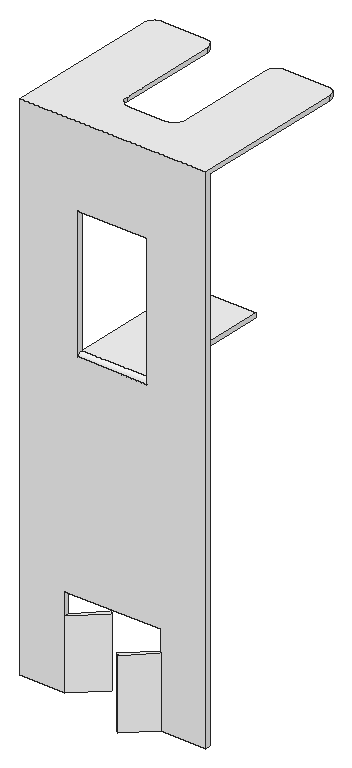
Revit family "CHクリップH=41", category 機械設備, Revit 2020
Family settings
  丸型コネクタ寸法 = 直径を使用
  種別 = なし
  パーツ タイプ = 標準
  作業面ベース = いいえ
  常に垂直 = はい
  ロード時にボイドで切り取り = いいえ
  共有 = いいえ
  部屋計算ポイント = いいえ
Parameters
  製造元 = "株式会社桐井製作所"
  既定の高さ = 0 mm
  URL = "https://www.kirii.co.jp/"
  K_材質 = "溶融亜鉛めっき鋼板及び鋼帯 SGCC 一般用"
  K_品名 = "CHクリップH=41"
  K_名称 = "クリップ"
  K_入数 = "300"
  K_バージョン情報 = "20220915"
  K_めっき付着量 = "Z12"
  K_JIS規格 = "JIS G 3302"
Reference planes
  plane 1 "中心(正面/背面)": y = 0
  plane 2: z = 0
  plane 3 "中心(左/右)": x = 0
Forms (mm)
  Extrusion 1, solid
    sketch origin (0, 0, 0) x (0, 1, 0) y (0, 0, 1)
      loop
        line (0, -57.9) -> (0.8, -57.9) -> (0.8, 38.3) -> (31, 38.3) -> (31, 39.1) -> (0, 39.1) -> (0, -57.9)
    from -17.5 to 17.5
  Extrusion 2, void
    sketch origin (0, 0, 0) x (1, 0, 0) y (0, 0, 1)
      loop
        line (-6.6, 24) -> (-6.6, -0.6) -> (6.4, -0.6) -> (6.4, 24) -> (-6.6, 24)
    from -0.8 to 0
  Extrusion 3, solid
    sketch origin (0, 0, 0) x (0, 1, 0) y (0, 0, 1)
      loop
        line (25.5, -0.6) -> (25.5, 0.2) -> (0.86, 0.2)
        arc (0.86, 0.2) -> (0.273, -0.031) -> (0, -0.6) r 0.862
        line (0, -0.6) -> (25.5, -0.6)
    from -6.6 to 6.4
  Extrusion 4, void
    sketch origin (0, 0, 0) x (1, 0, 0) y (0, 0, 1)
      loop
        line (-9.1, -40.9) -> (-9.1, -57.9) -> (8.9, -57.9) -> (8.9, -40.9) -> (-9.1, -40.9)
    from -0.8 to 0
  Extrusion 5, void
    sketch origin (0, 0, 0) x (1, 0, 0) y (0, 1, 0)
      loop
        line (7.5, 31) -> (-7.5, 31)
        arc (-7.5, 31) -> (-6.086, 30.414) -> (-5.5, 29) r 2
        line (-5.5, 29) -> (-5.5, 10)
        arc (-5.5, 10) -> (-4.914, 8.586) -> (-3.5, 8) r 2
        line (-3.5, 8) -> (3.5, 8)
        arc (3.5, 8) -> (4.914, 8.586) -> (5.5, 10) r 2
        line (5.5, 10) -> (5.5, 29)
        arc (5.5, 29) -> (6.086, 30.414) -> (7.5, 31) r 2
    from 38.3 to 39.1
  Extrusion 6, void
    sketch origin (0, 0, 0) x (1, 0, 0) y (0, 1, 0)
      loop
        line (-15.5, 31) -> (-17.5, 31) -> (-17.5, 29)
        arc (-17.5, 29) -> (-16.914, 30.414) -> (-15.5, 31) r 2
      loop
        line (17.5, 29) -> (17.5, 31) -> (15.5, 31)
        arc (15.5, 31) -> (16.914, 30.414) -> (17.5, 29) r 2
    from 38.3 to 39.1
  Extrusion 7, solid
    sketch origin (0, 2.335, 0) x (1, 0, 0) y (0, 1, 0)
      loop
        line (-4.052, 2.38) -> (-4.611, 2.938) -> (-9.1, -1.551) -> (-9.1, -2.335) -> (-4.052, 2.38)
    from -57.9 to -44.9
  Extrusion 8, solid
    sketch origin (-0.2, -1.535, 0) x (-1, 0, 0) y (0, -1, 0)
      loop
        line (-4.052, 2.38) -> (-4.611, 2.938) -> (-9.1, -1.551) -> (-9.1, -2.335) -> (-4.052, 2.38)
    from -57.9 to -44.9
Cuts and joins
  Extrusion 2, Extrusion 4, Extrusion 5, Extrusion 6 cuts Extrusion 1
  Extrusion 4, Extrusion 5 cuts Extrusion 3
  joined: Extrusion 1, Extrusion 3, Extrusion 7, Extrusion 8
Dimensions and locks
  aligned and locked: level to plane 2
